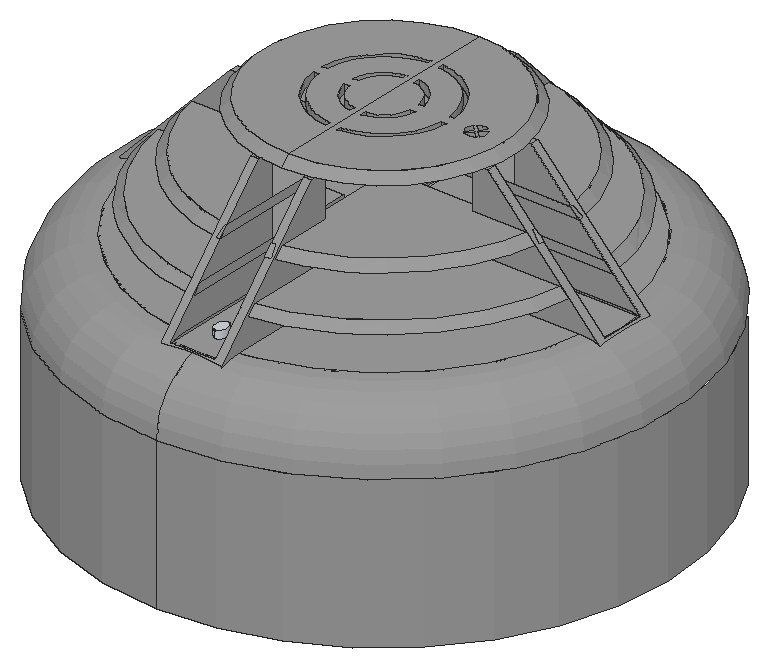
Revit family "Dougs", category Fire Alarm Devices, Revit 2014
Parameters (values of type "Notifier by Honeywell OPAL SMART3  Photo,Thermal & Infra Red Multi-Criteria Detector NFXI-SMT3")
  Zone number = ""
  URL = "www.notifierfiresystems.co.uk"
  Tel No. = "+44 (0) 1273 897000"
  Product Code = "NFXI-SMT3"
  Model = "OPAL SMART3 Photo, Thermal & Infra Red Multi-Criteria Detector"
  Manufacturer = "Notifier by Honeywell"
  Loop number = ""
  Fax No. = "+44 (0) 1273 376894"
  Email = "sales@notifierefiresystems.co.uk"
  Detector number = ""
  Description = "Photoelectric, Thermal  & Infra Red Multi-Criteria Detector"
  Control Panel name = ""
  Assembly Code = "D4090900"
  Address line 1 = "Caburn House, Brooks Road, Lewes, E. Sussex BN7 2BY"
Reference planes
  plane 1 "Center (Front/Back)": y = 0
  plane 2: z = 0
  plane 3 "Center (Left/Right)": x = 0
Forms (mm)
  Revolve 1, solid, material "ALARM"
    sketch origin (0, 0, 0) x (0, 1, 0) y (0, 0, 1)
      loop
        line (0, 0) -> (0, 38) -> (-40.013, 38)
        arc (-40.013, 38) -> (-47.782, 34.782) -> (-51, 27.013) r 10.987
        line (-51, 27.013) -> (-51, 0) -> (0, 0)
      axis (0, 0) -> (0, 38)
    angle from 0 to 360
  Revolve 2, solid, material "ALARM"
    sketch origin (0, 0, 0.963) x (0, 1, 0) y (0, 0, 1)
      loop
        line (0, 42.008) -> (0, 43.481) -> (-36.478, 43.481) -> (-37.952, 42.008) -> (0, 42.008)
      axis (0, 42.008) -> (0, 43.481)
    angle from 0 to 360
  Revolve 3, solid, material "ALARM"
    sketch origin (0, 0, 2.04) x (0, 1, 0) y (0, 0, 1)
      loop
        line (0, 47.478) -> (0, 49.008) -> (-30.473, 49.008) -> (-32.003, 47.478) -> (0, 47.478)
      axis (0, 49.008) -> (0, 47.478)
    angle from 0 to 360
  Extrusion 4, solid, material "ALARM"
    sketch origin (0, 0, 0) x (0, 1, 0) y (0, 0, 1)
      loop
        line (-23.011, 58.51) -> (-43.62, 36.801) -> (-20.19, 36.801) -> (-20.19, 58.51) -> (-23.011, 58.51)
    from -5.5 to 5.5
  Extrusion 5, void
    sketch origin (0, 0, 0) x (1, 0, 0) y (0, 0, 1)
      loop
        line (4, 58.51) -> (-4, 58.51) -> (-4, 37.718) -> (4, 37.718) -> (4, 58.51)
    from 47.446 to 0
  Extrusion 6, solid
    sketch origin (0, 0, 0) x (1, 0, 0) y (0, 1, 0)
      loop
        spline (0, -37.899) -> (0.259, -37.849) -> (0.501, -37.703) -> (0.709, -37.47) -> (0.868, -37.167) -> (0.968, -36.813) -> (1.002, -36.434) -> (0.968, -36.055) -> (0.868, -35.702) -> (0.709, -35.399) -> (0.501, -35.166) -> (0.259, -35.02) -> (0, -34.97)
        spline (0, -34.97) -> (-0.259, -35.02) -> (-0.501, -35.166) -> (-0.709, -35.399) -> (-0.868, -35.702) -> (-0.968, -36.055) -> (-1.002, -36.434) -> (-0.968, -36.813) -> (-0.868, -37.167) -> (-0.709, -37.47) -> (-0.501, -37.703) -> (-0.259, -37.849) -> (0, -37.899)
      loop
        spline (0, 34.972) -> (0.269, 35.022) -> (0.52, 35.168) -> (0.735, 35.401) -> (0.9, 35.703) -> (1.004, 36.056) -> (1.04, 36.434) -> (1.004, 36.813) -> (0.9, 37.165) -> (0.735, 37.468) -> (0.52, 37.701) -> (0.269, 37.847) -> (0, 37.896)
        spline (0, 37.896) -> (-0.269, 37.847) -> (-0.52, 37.701) -> (-0.735, 37.468) -> (-0.9, 37.165) -> (-1.004, 36.813) -> (-1.04, 36.434) -> (-1.004, 36.056) -> (-0.9, 35.703) -> (-0.735, 35.401) -> (-0.52, 35.168) -> (-0.269, 35.022) -> (0, 34.972)
    from 30 to 39
  Revolve 7, solid, material "ALARM"
    sketch origin (0, 0, 11.032) x (0, 1, 0) y (0, 0, 1)
      loop
        line (0, 47.478) -> (0, 49.008) -> (-21.481, 49.008) -> (-23.011, 47.478) -> (0, 47.478)
      axis (0, 49.008) -> (0, 47.478)
    angle from 0 to 360
  Extrusion 8, solid, material "ALARM"
    sketch origin (0, 0, 0) x (-1, 0, 0) y (0, 0, 1)
      loop
        line (-23.011, 58.51) -> (-43.62, 36.801) -> (-20.19, 36.801) -> (-20.19, 58.51) -> (-23.011, 58.51)
    from -5.5 to 5.5
  Extrusion 9, void
    sketch origin (0, 0, 0) x (0, 1, 0) y (0, 0, 1)
      loop
        line (4, 58.51) -> (-4, 58.51) -> (-4, 37.718) -> (4, 37.718) -> (4, 58.51)
    from 47.446 to 0
  Extrusion 10, solid, material "ALARM"
    sketch origin (0, 0, 0) x (0, -1, 0) y (0, 0, 1)
      loop
        line (-23.011, 58.51) -> (-43.62, 36.801) -> (-20.19, 36.801) -> (-20.19, 58.51) -> (-23.011, 58.51)
    from -5.5 to 5.5
  Extrusion 11, void
    sketch origin (0, 0, 0) x (-1, 0, 0) y (0, 0, 1)
      loop
        line (4, 58.51) -> (-4, 58.51) -> (-4, 37.718) -> (4, 37.718) -> (4, 58.51)
    from 47.446 to 0
  Extrusion 12, solid, material "ALARM"
    sketch origin (0, 0, 0) x (1, 0, 0) y (0, 0, 1)
      loop
        line (-23.011, 58.51) -> (-43.62, 36.801) -> (-20.19, 36.801) -> (-20.19, 58.51) -> (-23.011, 58.51)
    from -5.5 to 5.5
  Extrusion 13, void
    sketch origin (0, 0, 0) x (0, -1, 0) y (0, 0, 1)
      loop
        line (4, 58.51) -> (-4, 58.51) -> (-4, 37.718) -> (4, 37.718) -> (4, 58.51)
    from 47.446 to 0
  Extrusion 14, void
    sketch origin (0, 0, 0) x (1, 0, 0) y (0, 1, 0)
      loop
        line (-11.914, 1) -> (-10.91, 1)
        arc (-10.91, 1) -> (-7.747, 7.747) -> (-1, 10.91) r 10.956
        line (-1, 10.91) -> (-1, 11.914)
        arc (-1, 11.914) -> (-8.454, 8.454) -> (-11.914, 1) r 11.956
      loop
        line (-6.427, 1) -> (-5.413, 1)
        arc (-5.413, 1) -> (-3.892, 3.892) -> (-1, 5.413) r 5.504
        line (-1, 5.413) -> (-1, 6.427)
        arc (-1, 6.427) -> (-4.599, 4.599) -> (-6.427, 1) r 6.504
      loop
        arc (-11.914, -1) -> (-8.454, -8.454) -> (-1, -11.914) r 11.956
        line (-1, -11.914) -> (-1, -10.91)
        arc (-1, -10.91) -> (-7.747, -7.747) -> (-10.91, -1) r 10.956
        line (-10.91, -1) -> (-11.914, -1)
      loop
        arc (-6.427, -1) -> (-4.599, -4.599) -> (-1, -6.427) r 6.504
        line (-1, -6.427) -> (-1, -5.413)
        arc (-1, -5.413) -> (-3.892, -3.892) -> (-5.413, -1) r 5.504
        line (-5.413, -1) -> (-6.427, -1)
      loop
        arc (11.914, 1) -> (8.454, 8.454) -> (1, 11.914) r 11.956
        line (1, 11.914) -> (1, 10.91)
        arc (1, 10.91) -> (7.747, 7.747) -> (10.91, 1) r 10.956
        line (10.91, 1) -> (11.914, 1)
      loop
        arc (6.427, 1) -> (4.599, 4.599) -> (1, 6.427) r 6.504
        line (1, 6.427) -> (1, 5.413)
        arc (1, 5.413) -> (3.892, 3.892) -> (5.413, 1) r 5.504
        line (5.413, 1) -> (6.427, 1)
      loop
        line (11.914, -1) -> (10.91, -1)
        arc (10.91, -1) -> (7.747, -7.747) -> (1, -10.91) r 10.956
        line (1, -10.91) -> (1, -11.914)
        arc (1, -11.914) -> (8.454, -8.454) -> (11.914, -1) r 11.956
      loop
        line (6.427, -1) -> (5.413, -1)
        arc (5.413, -1) -> (3.892, -3.892) -> (1, -5.413) r 5.504
        line (1, -5.413) -> (1, -6.427)
        arc (1, -6.427) -> (4.599, -4.599) -> (6.427, -1) r 6.504
    from 55 to 65
  Extrusion 15, void
    sketch origin (0, 0, 0) x (1, 0, 0) y (0, 1, 0)
      loop
        line (16.542, 0.283) -> (17.632, 1.373)
        arc (17.632, 1.373) -> (16.542, 1.753) -> (15.452, 1.373) r 1.753
        line (15.452, 1.373) -> (16.542, 0.283)
    from 58 to 65
  Extrusion 16, void
    sketch origin (16.529, -16.513, 0) x (0, 1, 0) y (-1, 0, 0)
      loop
        line (16.542, 0.283) -> (17.632, 1.373)
        arc (17.632, 1.373) -> (16.542, 1.753) -> (15.452, 1.373) r 1.753
        line (15.452, 1.373) -> (16.542, 0.283)
    from 0 to 250
  Extrusion 17, void
    sketch origin (33.041, 0.016, 0) x (-1, 0, 0) y (0, -1, 0)
      loop
        line (16.542, 0.283) -> (17.632, 1.373)
        arc (17.632, 1.373) -> (16.542, 1.753) -> (15.452, 1.373) r 1.753
        line (15.452, 1.373) -> (16.542, 0.283)
    from 58 to 65
  Extrusion 18, void
    sketch origin (16.513, 16.529, 0) x (0, -1, 0) y (1, 0, 0)
      loop
        line (16.542, 0.283) -> (17.632, 1.373)
        arc (17.632, 1.373) -> (16.542, 1.753) -> (15.452, 1.373) r 1.753
        line (15.452, 1.373) -> (16.542, 0.283)
    from 0 to 250
Cuts and joins
  Extrusion 5, Extrusion 9, Extrusion 11, Extrusion 13, Extrusion 15, Extrusion 16, Extrusion 17, Extrusion 18 cuts Revolve 1
  Extrusion 5, Extrusion 9, Extrusion 11, Extrusion 13 cuts Revolve 2
  Extrusion 5, Extrusion 9, Extrusion 11, Extrusion 13 cuts Revolve 3
  Extrusion 5, Extrusion 9 cuts Extrusion 4
  Extrusion 9, Extrusion 11 cuts Extrusion 6
  Extrusion 9, Extrusion 11, Extrusion 13, Extrusion 14, Extrusion 15, Extrusion 16, Extrusion 17, Extrusion 18 cuts Revolve 7
  Extrusion 9 cuts Extrusion 8
  Extrusion 11 cuts Extrusion 10
  Extrusion 13 cuts Extrusion 12
